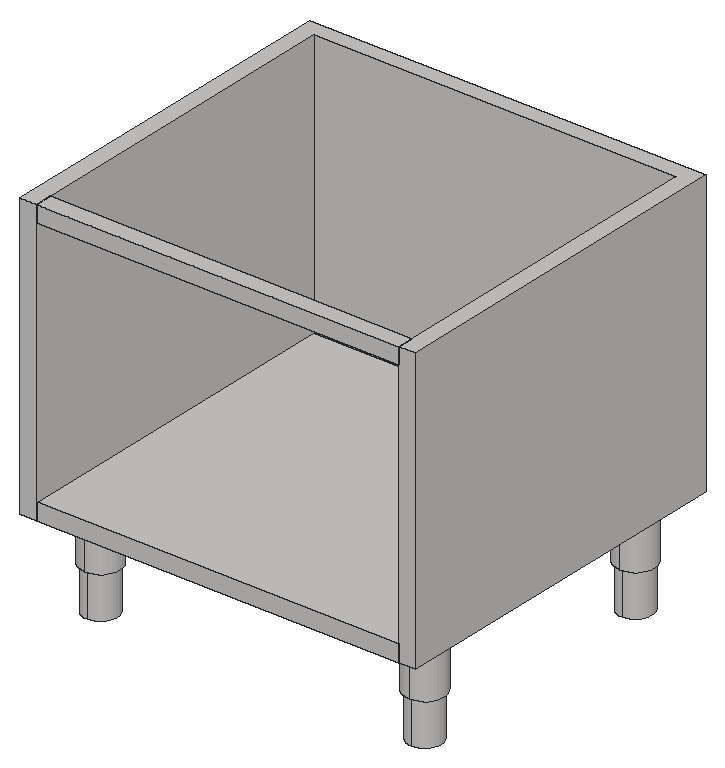
Revit family "QF_GIORIK_SUL0160", category Specialty Equipment, Revit 2014
Parameters (values of type "SUL0160")
  Weight in Pounds = 37.4785
  URL Cutsheet = "www.giorik.com"
  URL = "www.giorik.com"
  Status [instance] = ""
  Specification by User [instance] = ""
  Specification by Manufacturer = ""
  Show Logo [instance] = yes
  Show Clearance [instance] = yes
  Serial Number = ""
  Seismic Rating = ""
  SMACNA No = ""
  Revision Code [instance] = ""
  NAFEM Spec ID Number = ""
  Model = "SUL0160"
  Masterspec = ""
  Manufacturer = "GIORIK"
  Item Number [instance] = ""
  Installed By [instance] = ""
  Identify Quantity as Lot [instance] = no
  Furnished By [instance] = ""
  Foodservice Equipment Identifier [instance] = yes
  Description = "STAND OPEN WITH SHELF L=600"
  CSI MasterFormat = ""
  Assembly Code = "E1090320"
Reference planes
  plane 1 "Back": y = 0
  plane 2: z = 0
  plane 3 "Left": x = 0
  plane 4 "Right": x = 600
  plane 5 "Front": y = -600
  plane 6 "Top": z = 580
Forms (mm)
  Extrusion 1, solid
    sketch origin (-16, 1016.81, 0) x (1, 0, 0) y (0, 1, 0)
      loop
        line (25, -1086.81) -> (25, -1156.81) -> (115, -1156.81) -> (115, -1086.81) -> (25, -1086.81)
    from 148 to 150
  Extrusion 2, solid
    sketch origin (616, 1016.81, 0) x (-1, 0, 0) y (0, -1, 0)
      loop
        line (25, 1086.81) -> (115, 1086.81) -> (115, 1156.81) -> (25, 1156.81) -> (25, 1086.81)
    from 148 to 150
  Extrusion 3, solid
    sketch origin (0, -40, 599.536) x (1, 0, 0) y (0, 1, 0)
      loop
        line (0, -550) -> (25, -550) -> (25, -25) -> (575, -25) -> (575, -550) -> (600, -550) -> (600, 0) -> (0, 0) -> (0, -550)
    from -449.536 to -19.536
  Extrusion 4, solid
    sketch origin (0, -40, 0) x (1, 0, 0) y (0, 1, 0)
      loop
        line (25, -25) -> (25, -550) -> (575, -550) -> (575, -25) -> (25, -25)
    from 150 to 175
  Extrusion 5, solid
    sketch origin (-16, 616.81, 0) x (1, 0, 0) y (0, 1, 0)
      loop
        line (25, -1086.81) -> (25, -1156.81) -> (115, -1156.81) -> (115, -1086.81) -> (25, -1086.81)
    from 148 to 150
  Revolve 6, solid
    sketch origin (54, 616.81, 0) x (0, 1, 0) y (0, 0, 1)
      loop
        line (-1092.56, 66) -> (-1092.56, 148) -> (-1121.81, 148) -> (-1121.81, 0) -> (-1096.81, 0) -> (-1096.81, 66) -> (-1092.56, 66)
      axis (-1121.81, 0) -> (-1121.81, 148)
    angle from 0 to 360
  Extrusion 7, solid
    sketch origin (616, 616.81, 0) x (-1, 0, 0) y (0, -1, 0)
      loop
        line (25, 1086.81) -> (115, 1086.81) -> (115, 1156.81) -> (25, 1156.81) -> (25, 1086.81)
    from 148 to 150
  Revolve 8, solid
    sketch origin (546, 616.81, 0) x (0, 1, 0) y (0, 0, 1)
      loop
        line (-1092.56, 66) -> (-1092.56, 148) -> (-1121.81, 148) -> (-1121.81, 0) -> (-1096.81, 0) -> (-1096.81, 66) -> (-1092.56, 66)
      axis (-1121.81, 0) -> (-1121.81, 148)
    angle from 0 to 360
  Revolve 9, solid
    sketch origin (546, 1016.81, 0) x (0, 1, 0) y (0, 0, 1)
      loop
        line (-1092.56, 66) -> (-1092.56, 148) -> (-1121.81, 148) -> (-1121.81, 0) -> (-1096.81, 0) -> (-1096.81, 66) -> (-1092.56, 66)
      axis (-1121.81, 0) -> (-1121.81, 148)
    angle from 0 to 360
  Revolve 10, solid
    sketch origin (54, 1016.81, 0) x (0, 1, 0) y (0, 0, 1)
      loop
        line (-1092.56, 66) -> (-1092.56, 148) -> (-1121.81, 148) -> (-1121.81, 0) -> (-1096.81, 0) -> (-1096.81, 66) -> (-1092.56, 66)
      axis (-1121.81, 0) -> (-1121.81, 148)
    angle from 0 to 360
  Extrusion 11, solid
    sketch origin (0, 110, 580) x (0, 1, 0) y (-1, 0, 0)
      loop
        line (-700, -25) -> (-700, -575) -> (-675, -575) -> (-675, -25) -> (-700, -25)
    from -25 to 0
Lines and regions (mm)
  symbolic lines, style "200-EquipHidden-2D", visible <- "Show Clearance", detail levels coarse
    curve 1: line (0, -40, 580) -> (600, -40, 580)
    curve 2: line (0, -590, 580) -> (0, -40, 580)
    curve 3: line (600, -590, 580) -> (0, -590, 580)
    curve 4: line (600, -40, 580) -> (600, -590, 580)
Dimensions and locks
  plane 3 "Left" to plane 4 "Right" = 600 mm
  plane 5 "Front" to plane 1 "Back" = 600 mm
  plane 4 "Right" to plane 3 "Left" = 600 mm
  plane 1 "Back" to plane 5 "Front" = 600 mm
  plane 6 "Top" to level = 580 mm  (x2)
  aligned and locked: level to plane 2
